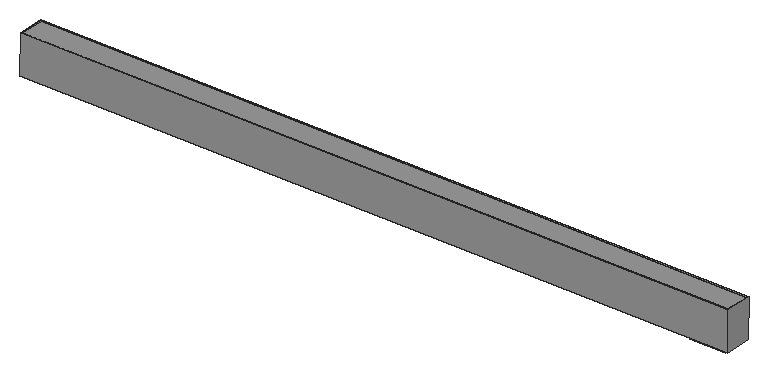
Revit family "Alcon - 15100_36 Inch-Linear", category Lighting Fixtures, host Face, Revit 2025
Family settings
  Host = Face
  Round Connector Dimension = Use Diameter
  Part Type = Normal
  Cut with Voids When Loaded = No
  Light Source = Yes
  Maintain Annotation Orientation = No
  Shared = No
  Room Calculation Point = No
Parameters
  Wattage = 9.2903 W
  built-in parameter 1150110 = 1 (stored number, unit not read)
  built-in parameter 1114217 = 1 (stored number, unit not read)
  built-in parameter 1150109 = 1 (stored number, unit not read)
  built-in parameter 1150134 = 3
  built-in parameter 1150113 = 1 (stored number, unit not read)
  built-in parameter 1150105 = 439.27 (stored number, unit not read)
  Lumens = 1380 lm
  built-in parameter 1150115 = 1 (stored number, unit not read)
  Light Source Symbol Size = 2' - 0"
  built-in parameter 1150137 = (empty or 0)
  built-in parameter 1150139 = (empty or 0)
  built-in parameter 1150112 = 1 (stored number, unit not read)
  built-in parameter 1150114 = 1 (stored number, unit not read)
  built-in parameter 1150132 = (empty or 0)
  built-in parameter 1150102 = (empty or 0)
  built-in parameter 1150107 = 3200 (stored number, unit not read)
  built-in parameter 1150138 = (empty or 0)
  built-in parameter 1150106 = 4.3927 (stored number, unit not read)
  Housing = Default
  Glass Frosted = Glass, Frosted
  Fixture Length = 0' - 11.9"
  Emit from Line Length = 2' - 0"
  built-in parameter 1150104 = 13.8 (stored number, unit not read)
  Dimming Lamp Color Temperature Shift = (empty or 0)
  Default Elevation = 4' - 0"
  Color Filter = 16777215
  built-in parameter 1114218 = 1 (stored number, unit not read)
  built-in parameter 1150133 = 10 (stored number, unit not read)
Reference planes (in)
  plane 1 "Center (Front/Back)": y = 0
  plane 2: z = 0
  plane 3 "Center (Left/Right)": x = 0
Forms (in)
  Extrusion 1, solid, material "Default" <- "Housing"
    sketch origin (0, 0, 0) x (0, 1, 0) y (0, 0, 1)
      loop
        line (0.65, 2.17) -> (-0.65, 2.17) -> (-0.65, 0.25) -> (0.65, 0.25) -> (0.65, 2.17)
    from 0 to 35.55
  Extrusion 2, void
    sketch origin (0, 0, 0) x (0, 1, 0) y (0, 0, 1)
      loop
        line (0.60703, 0.29297) -> (0.60703, 2.17) -> (-0.60703, 2.17) -> (-0.60703, 0.29297) -> (0.60703, 0.29297)
    from 0.04564 to 35.50551
  Extrusion 3, solid, material "Glass, Frosted" <- "Glass Frosted"
    sketch origin (0, 0.35, 2.17) x (0, -1, 0) y (1, 0, 0)
      loop
        line (-0.25703, 0.04564) -> (0.95703, 0.04564) -> (0.95703, 35.50551) -> (-0.25703, 35.50551) -> (-0.25703, 0.04564)
    from 0 to -0.0625
  Extrusion 4, solid, material "Default" <- "Housing"
    sketch origin (0.24219, 0.80127, 0) x (0, 1, 0) y (0, 0, 1)
      loop
        line (-0.32706, 0.25) -> (-1.25034, 0.25) -> (-1.25034, 0.0773) -> (-0.32706, 0.0773) -> (-0.32706, 0.25)
    from 0 to 1.8125
  Extrusion 5, solid, material "Default" <- "Housing"
    sketch origin (35.30781, 0.65, 0) x (0, -1, 0) y (0, 0, 1)
      loop
        line (0.17579, 0.0773) -> (1.09907, 0.0773) -> (1.09907, 0.25) -> (0.17579, 0.25) -> (0.17579, 0.0773)
    from 0 to 1.8125
Cuts and joins
  Extrusion 2 cuts Extrusion 1
Lines and regions (in)
  reference lines
    curve 1: line (0.24219, -2.48319, 0) -> (0.24219, 2.01681, 0)
    curve 2: line (35.30781, 2.01681, 0) -> (35.30781, -2.48319, 0)
Dimensions and locks (in)
  Extrusion 5 sketch curve to cut or joined group of Extrusion 1, Extrusion 2 = 0' - 0 31/128"
  aligned and locked: plane 2 to host face
  aligned and locked: level to host face
